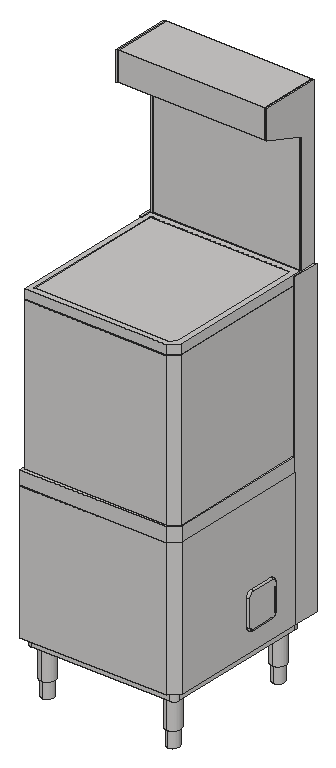
Revit family "QF_ZANUSSI_504270_ZHT8TIEL", category Specialty Equipment, Revit 2018
Family settings
  Round Connector Dimension = Use Diameter
  Part Type = Normal
  Work Plane-Based = No
  Always vertical = Yes
  Cut with Voids When Loaded = No
  Shared = Yes
  Room Calculation Point = No
Parameters
  Width = 667 mm
  Weight = "152 kg"
  Watts = 0 W
  Waste Water Discharge Temperature [instance] = -459.67 °F
  Volts = 400 V
  Ventilation Remarks = ""
  URL Manufacturer = "www.electrolux.com/foodservice"
  URL Cutsheet = "www.electrolux.com/foodservice"
  URL = "http://www.zanussiprofessional.com"
  Type Mark [instance] = ""
  Steam Supply Size = 0"
  Steam Supply Minimum Pressure = 0.00 psi
  Steam Supply Maximum Pressure = 0.00 psi
  Steam Pounds per Hour = 0
  Specification by User [instance] = ""
  Specification by Manufacturer = ""
  Show Logo [instance] = yes
  Serial Number = ""
  Seismic Rating = ""
  SMACNA No = ""
  Revision Code [instance] = ""
  Refrigeration Suction Line Size = 0"
  Refrigeration Liquid Line Size = 0"
  Refrigerant Compressor Remote = yes
  Plumbing Remarks = ""
  Plumbing Connection Type [instance] = ""
  Phase = 3
  Omniclass Number and Title = ""
  Number of Poles [instance] = 1
  NAFEM Spec ID Number = ""
  Model = "ZHT8TIEL"
  Min Ckt Ampacity = 0 A
  Max Overcurrent Protection = 0 A
  MasterSpec. = ""
  Manufacturer = "Zanussi"
  Length Actual = 667 mm  # constant formula
  Item Number [instance] = "504270"
  Installed By [instance] = ""
  Indirect Waste Size = Indirect Waste Radius Size * 2  # 0.81102"
  Indirect Waste Radius Size = 10.3 mm
  Indirect Waste Connection Type [instance] = ""
  Indirect Waste Connection Height = 0 mm
  Identify Quantity as Lot [instance] = yes
  Hot Water Size = 0"
  Height Actual = 2273 mm  # constant formula
  Height = 2273 mm
  HP = "13.3 HP"
  Gas Size = 0"
  Gas KW = 0
  Gas Input Pressure = 0.0 Btu/h
  Furnished By [instance] = ""
  Foodservice Equipment Identifier [instance] = yes
  FL Amps = 0 A
  Exhaust Volume = 0 CFM
  Exhaust Vent Width = 0 mm
  Exhaust Vent Diameter = 0 mm
  Exhaust Vent Depth = 0 mm
  Exhaust Static Press = 0.00 in-wg
  Exhaust RI Height [instance] = 0 mm
  Electrical Remarks = "400 V/3N ph/50 Hz"
  Electric Connection Type [instance] = ""
  Elec Conn RI Height [instance] = 0 mm
  Elec Conn Connection Height [instance] = 0 mm
  Direct Waste Size = 0.80709"
  Description = "HOOD T,AUTO,INS,ESD,0-LIME,FILTER,80R/H"
  Depth Actual = 755 mm  # constant formula
  Depth = 755 mm
  Condensate Return Size = 0"
  Compressed Air Volume = 0 GPM
  Compressed Air Size = 0"
  Compressed Air Pressure = 0.00 psi
  Cold Water Temperature Recommended = -459.67 °F
  Cold Water Size = 3/4"
  Cold Water RI Height [instance] = 0 mm
  Cold Water Minimum Pressure = 0.50 psi
  Cold Water Maximum Pressure = 101.526 psi
  Cold Water Flow = 0 GPM
  Cold Water Consumption = ""
  Cold Water Connection Height = 0 mm
  Assembly Code = ""
  Cycle = 50 Hz
  Conn Plug NEMA = ""
  Conn Conduit = yes
  Show Clearance [instance] = yes
  CSI MasterFormat = ""
  CSI Master Format = ""
  Apparent Power = if(Phase = 3, Volts * FL Amps * 1.73, Volts * FL Amps)  # 0 VA
  Accessory = yes
Reference planes
  plane 1 "BACK": y = 0
  plane 2: z = 0
  plane 3 "LEFT": x = 0
  plane 4 "RIGHT": x = 667
  plane 5 "FRONT": y = -755
  plane 6 "TOP": z = 2273
  plane 7 "Center X": y = -377.5
  plane 8: x = 333.5
  plane 9: x = 452
  plane 10: x = 399
  plane 11: x = 612
  plane 12: y = -420
  plane 13: x = 65
  plane 14: x = 603
  plane 15: x = 657
  plane 16: y = -124
  plane 17: y = -689
Forms (mm)
  Revolve 1, solid, material "QF_Finishes_Stainless Steel"
    sketch origin (603, 0.875, 0) x (0, 1, 0) y (0, 0, 1)
      loop
        line (-689.875, 0) -> (-664.475, 0) -> (-664.475, 69.951) -> (-658.125, 69.951) -> (-658.125, 200) -> (-689.875, 200) -> (-689.875, 0)
      axis (-689.875, 200) -> (-689.875, 0)
    angle from 0 to 360
  Revolve 2, solid, material "QF_Finishes_Stainless Steel"
    sketch origin (65, 65.963, 0) x (0, 1, 0) y (0, 0, 1)
      loop
        line (-754.962, 0) -> (-729.562, 0) -> (-729.562, 69.951) -> (-723.212, 69.951) -> (-723.212, 200) -> (-754.962, 200) -> (-754.962, 0)
      axis (-754.962, 200) -> (-754.962, 0)
    angle from 0 to 360
  Revolve 3, solid, material "QF_Finishes_Stainless Steel"
    sketch origin (603, 564.975, 0) x (0, 1, 0) y (0, 0, 1)
      loop
        line (-688.975, 0) -> (-663.575, 0) -> (-663.575, 69.951) -> (-657.225, 69.951) -> (-657.225, 200) -> (-688.975, 200) -> (-688.975, 0)
      axis (-688.975, 200) -> (-688.975, 0)
    angle from 0 to 360
  Revolve 4, solid, material "QF_Finishes_Stainless Steel"
    sketch origin (65, 630.063, 0) x (0, 1, 0) y (0, 0, 1)
      loop
        line (-754.062, 0) -> (-728.663, 0) -> (-728.662, 69.951) -> (-722.312, 69.951) -> (-722.312, 200) -> (-754.062, 200) -> (-754.062, 0)
      axis (-754.062, 200) -> (-754.062, 0)
    angle from 0 to 360
  Extrusion 5, solid, material "QF_Finishes_Stainless Steel"
    sketch origin (0, 0, 248.92) x (-1, 0, 0) y (0, -1, 0)
      loop
        arc (-38.199, 73.025) -> (-20.239, 80.464) -> (-12.799, 98.425) r 25.4
        line (-12.799, 98.425) -> (-12.799, 715.275)
        arc (-12.799, 715.275) -> (-20.239, 733.236) -> (-38.199, 740.675) r 25.4
        line (-38.199, 740.675) -> (-628.781, 740.675)
        arc (-628.781, 740.675) -> (-646.742, 733.236) -> (-654.181, 715.275) r 25.4
        line (-654.181, 715.275) -> (-654.181, 98.425)
        arc (-654.181, 98.425) -> (-646.742, 80.464) -> (-628.781, 73.025) r 25.4
        line (-628.781, 73.025) -> (-38.199, 73.025)
    from -48.92 to -19.952
  Extrusion 6, solid, material "QF_Finishes_Stainless Steel"
    sketch origin (0, 0, 248.92) x (-1, 0, 0) y (0, -1, 0)
      loop
        line (0, 0) -> (0, 114.3) -> (-666.962, 114.3) -> (-666.962, 0) -> (0, 0)
    from -19.952 to 625.793
  Extrusion 7, solid, material "QF_Finishes_Stainless Steel"
    sketch origin (0, 0, 248.92) x (-1, 0, 0) y (0, -1, 0)
      loop
        line (0, 114.3) -> (0, 754.962) -> (-627.275, 754.962) -> (-667, 715.238) -> (-667, 114.3) -> (0, 114.3)
    from -19.952 to 564.248
  Extrusion 8, solid, material "QF_Finishes_Stainless Steel"
    sketch origin (0, 0, 248.92) x (-1, 0, 0) y (0, -1, 0)
      loop
        line (-10, 69.85) -> (-10, 745.076) -> (-623.019, 745.076) -> (-657, 711.095) -> (-657, 69.85) -> (-10, 69.85)
    from 625.793 to 1278.46
  Extrusion 9, solid, material "QF_Finishes_Stainless Steel"
    sketch origin (0, 0, 248.92) x (-1, 0, 0) y (0, -1, 0)
      loop
        line (0, 0) -> (0, 114.3) -> (-10, 114.3) -> (-10, 69.85) -> (-657.881, 69.85) -> (-657.881, 114.3) -> (-667, 114.3) -> (-667, 0) -> (0, 0)
    from 625.793 to 1317.943
  Extrusion 10, solid, material "QF_Finishes_Stainless Steel"
    sketch origin (0, 0, -227) x (0, 1, 0) y (0, 0, 1)
      loop
        line (0, 1793.563) -> (0, 2500) -> (-254.45, 2500) -> (-254.45, 2377.249) -> (-65.088, 2308.49) -> (-65.088, 1793.563) -> (0, 1793.563)
    from 10 to 19.05
  Extrusion 11, solid, material "QF_Finishes_Stainless Steel"
    sketch origin (665.162, 0, -227) x (0, 1, 0) y (0, 0, -1)
      loop
        line (0, -1793.563) -> (-65.088, -1793.563) -> (-65.088, -2308.49) -> (-254.45, -2377.249) -> (-254.45, -2500) -> (0, -2500) -> (0, -1793.563)
    from 8.162 to 17.25
  Extrusion 12, solid, material "QF_Finishes_Stainless Steel"
    sketch origin (12.7, 0, -227) x (0, 1, 0) y (0, 0, 1)
      loop
        line (0, 1793.563) -> (0, 2500) -> (-254.45, 2500) -> (-254.45, 2377.249) -> (-65.087, 2308.49) -> (-65.087, 1793.563) -> (0, 1793.563)
    from 6.35 to 635.212
  Extrusion 13, solid, material "QF_Finishes_Stainless Steel"
    sketch origin (0, 0, 401.32) x (-1, 0, 0) y (0, -1, 0)
      loop
        line (-10, 69.85) -> (-10, 745.076) -> (-623.019, 745.076) -> (-657, 711.095) -> (-657, 69.85) -> (-10, 69.85)
    from 1127.647 to 1165.543
  Extrusion 14, solid, material "QF_Finishes_Stainless Steel"
    sketch origin (0, 0, 293.37) x (-1, 0, 0) y (0, -1, 0)
      loop
        line (0, 114.3) -> (0, 754.962) -> (-627.275, 754.962) -> (-667, 715.237) -> (-667, 114.3) -> (0, 114.3)
    from 521.385 to 581.343
  Extrusion 15, solid, material "QF_Finishes_Stainless Steel"
    sketch origin (0, 0, 248.92) x (-1, 0, 0) y (0, -1, 0)
      loop
        line (-10, 745.076) -> (-623.019, 745.076) -> (-657, 711.095) -> (-657, 69.85) -> (-10, 69.85) -> (-10, 745.076)
      loop
        line (-635.212, 95.25) -> (-31.75, 95.25) -> (-31.75, 723.212) -> (-614.124, 723.212) -> (-635.212, 702.124) -> (-635.212, 95.25)
    from 1317.943 to 1319.53
  Extrusion 16, solid, material "QF_Finishes_Stainless Steel", detail levels coarse
    sketch origin (0.231, 0.75, 248.92) x (-1, 0, 0) y (0, -1, 0)
      loop
        circle (-451.769, 31.75) r 9.525
    from -19.952 to -13.602
  Extrusion 17, solid, material "QF_Finishes_Stainless Steel", detail levels coarse
    sketch origin (1.206, 0.513, 248.92) x (-1, 0, 0) y (0, -1, 0)
      loop
        circle (-397.794, 36.513) r 10.25
    from -19.952 to -32.652
  Extrusion 18, solid, material "QF_Finishes_Clearance", visible <- "Show Clearance", detail levels coarse
    sketch origin (0, 0, 266.587) x (-1, 0, 0) y (0, -1, 0)
      loop
        line (-10, 745.076) -> (-623.019, 745.076) -> (-657, 711.095) -> (-657, 69.85) -> (-10, 69.85) -> (-10, 745.076)
    from 1299.975 to 1779.7
  Extrusion 19, solid, material "QF_Finishes_Black", detail levels coarse
    sketch origin (6.388, 0.45, 248.92) x (-1, 0, 0) y (0, -1, 0)
      loop
        circle (-605.612, 359.45) r 6.35
    from -48.92 to -39.952
  Extrusion 20, solid, material "QF_Finishes_Clearance", visible <- "Show Clearance", detail levels coarse
    sketch origin (0, 0, 0) x (1, 0, 0) y (0, 1, 0)
      loop
        line (0, -754.962) -> (0, 0) -> (667, 0) -> (667, -755) -> (683.613, -755) -> (683.613, 23) -> (-23, 23) -> (-23, -754.962) -> (0, -754.962)
    from 0 to 2273
  Extrusion 21, solid, material "QF_Finishes_Stainless Steel", detail levels fine
    sketch origin (667, -709.222, 200) x (0, 1, 0) y (0, 0, 1)
      loop
        arc (352.266, 268.227) -> (341.659, 263.833) -> (337.266, 253.227) r 15
        line (337.266, 253.227) -> (337.266, 138.227)
        arc (337.266, 138.227) -> (341.659, 127.62) -> (352.266, 123.227) r 15
        line (352.266, 123.227) -> (457.266, 123.227)
        arc (457.266, 123.227) -> (467.872, 127.62) -> (472.266, 138.227) r 15
        line (472.266, 138.227) -> (472.266, 253.227)
        arc (472.266, 253.227) -> (467.872, 263.833) -> (457.266, 268.227) r 15
        line (457.266, 268.227) -> (352.266, 268.227)
    from 0 to 13.165
  Sweep 22, solid, material "QF_Finishes_Stainless Steel", detail levels fine
    path in 3D
      loop
        arc (680.165, -356.956, 468.227) -> (680.165, -367.563, 463.833) -> (680.165, -371.956, 453.227) r 15
        line (680.165, -371.956, 453.227) -> (680.165, -371.956, 338.227)
        arc (680.165, -371.956, 338.227) -> (680.165, -367.563, 327.62) -> (680.165, -356.956, 323.227) r 15
        line (680.165, -356.956, 323.227) -> (680.165, -251.956, 323.227)
        arc (680.165, -251.956, 323.227) -> (680.165, -241.35, 327.62) -> (680.165, -236.956, 338.227) r 15
        line (680.165, -236.956, 338.227) -> (680.165, -236.956, 453.227)
        arc (680.165, -236.956, 453.227) -> (680.165, -241.35, 463.833) -> (680.165, -251.956, 468.227) r 15
        line (680.165, -251.956, 468.227) -> (680.165, -356.956, 468.227)
    profile origin (680.165, -304.456, 468.227) x (1, 0, 0) y (0, 0, 1)
      loop
        arc (-1.054, 0) -> (-6.598, 5.544) -> (-12.141, 0) r 5.544
        line (-12.141, 0) -> (-1.054, 0)
Cuts and joins
  joined: Extrusion 6, Extrusion 9, Extrusion 12
  joined: Extrusion 13, Extrusion 15
  joined: Extrusion 7, Extrusion 14
Lines and regions (mm)
  Split face 1
    outline origin (9.525, -254.45, 2150.249) x (0, 0, 1) y (-1, 0, 0)
      loop
        line (111.957, -631.267) -> (111.957, -16.646) -> (53.22, -16.646) -> (53.22, -42.046) -> (19.882, -42.046) -> (19.882, -302.396) -> (35.757, -302.396) -> (35.757, -345.517) -> (19.882, -345.517) -> (19.882, -605.867) -> (53.22, -605.867) -> (53.22, -631.267) -> (111.957, -631.267)
  Split face 2
    outline origin (627.275, -754.962, 248.92) x (0.707107, 0.707107, 0) y (0, 0, 1)
      loop
        line (0.397, 537.808) -> (55.783, 537.808) -> (55.783, 563.851) -> (0.397, 563.851) -> (0.397, 537.808)
  Split face 3
    outline origin (627.275, -754.962, 248.92) x (0.707107, 0.707107, 0) y (0, 0, 1)
      loop
        line (0.397, 537.411) -> (0.397, 371.585) -> (55.783, 371.585) -> (55.783, 537.411) -> (0.397, 537.411)
  Split face 4
    outline origin (627.275, -754.963, 1157.916) x (0.707107, 0.707107, 0) y (0, 0, 1)
      loop
        line (0.397, -537.808) -> (0.397, -563.851) -> (55.783, -563.851) -> (55.783, -537.808) -> (0.397, -537.808)
  Split face 5
    outline origin (624.645, -745.076, 401.32) x (-1, 0, 0) y (0, 0, -1)
      loop
        arc (168.949, -1158.595) -> (170.363, -1158.009) -> (170.949, -1156.595) r 2
        line (170.949, -1156.595) -> (170.949, -1136.595)
        arc (170.949, -1136.595) -> (170.363, -1135.181) -> (168.949, -1134.595) r 2
        line (168.949, -1134.595) -> (22.949, -1134.595)
        arc (22.949, -1134.595) -> (21.535, -1135.181) -> (20.949, -1136.595) r 2
        line (20.949, -1136.595) -> (20.949, -1156.595)
        arc (20.949, -1156.595) -> (21.535, -1158.009) -> (22.949, -1158.595) r 2
        line (22.949, -1158.595) -> (168.949, -1158.595)
  Split face 6
    outline origin (657, -69.85, 401.32) x (0, -1, 0) y (0, 0, -1)
      loop
        arc (634.762, -1158.595) -> (636.176, -1158.009) -> (636.762, -1156.595) r 2
        line (636.762, -1156.595) -> (636.762, -1136.595)
        arc (636.762, -1136.595) -> (636.176, -1135.181) -> (634.762, -1134.595) r 2
        line (634.762, -1134.595) -> (488.762, -1134.595)
        arc (488.762, -1134.595) -> (487.348, -1135.181) -> (486.762, -1136.595) r 2
        line (486.762, -1136.595) -> (486.762, -1156.595)
        arc (486.762, -1156.595) -> (487.348, -1158.009) -> (488.762, -1158.595) r 2
        line (488.762, -1158.595) -> (634.762, -1158.595)
  symbolic lines
    curve 1: line (0, 0, 248.92) -> (666.962, 0, 248.92)
    curve 2: line (0, -754.962, 248.92) -> (0, 0, 248.92)
    curve 3: line (627.275, -754.962, 248.92) -> (0, -754.962, 248.92)
    curve 4: line (627.275, -754.962, 248.92) -> (667, -715.237, 248.92)
    curve 5: line (10, -254.45, 248.92) -> (657, -254.45, 248.92)
    curve 6: line (10, -254.45, 248.92) -> (10, 0, 248.92)
    curve 7: line (657, -254.45, 248.92) -> (657, 0, 248.92)
    curve 8: line (31.75, -723.213, 0) -> (614.124, -723.213, 0)
    curve 9: line (614.124, -723.213, 0) -> (635.212, -702.124, 0)
    curve 10: line (635.212, -702.124, 0) -> (635.212, -254.45, 0)
    curve 11: line (31.75, -254.45, 0) -> (31.75, -723.213, 0)
    curve 12: line (10, -745.076, 0) -> (623.019, -745.076, 0)
    curve 13: line (657, -711.095, 0) -> (657, -254.45, 0)
    curve 14: line (10, -745.076, 0) -> (10, -254.45, 0)
    curve 15: line (10, -745.076, 0) -> (31.75, -723.213, 0)
    curve 16: line (614.124, -723.213, 0) -> (623.019, -745.076, 0)
    curve 17: line (635.212, -702.124, 0) -> (657, -711.095, 0)
    curve 18: line (19.05, -254.45, 0) -> (19.05, -9.969, 0)
    curve 19: line (19.05, -9.969, 248.92) -> (647.912, -9.969, 248.92)
    curve 20: line (647.912, -254.45, 0) -> (647.912, -9.969, 0)
    curve 21: line (10, 0, 0) -> (19.05, -9.969, 0)
    curve 22: line (647.912, -9.969, 0) -> (657, 0, 0)
    curve 23: line (0, -115.888, 0) -> (10, -115.888, 0)
    curve 24: line (667, -115.887, 0) -> (657, -115.887, 0)
    curve 28: line (667, 0, 0) -> (667, -715.237, 0)
    curve 29: line (623.019, -745.076, 248.92) -> (657, -711.095, 248.92)
  symbolic lines, style "QF-Clearances", visible <- "Show Clearance", detail levels coarse
    curve 25: line (-23, -754.962, 0) -> (-23, 23, 0)
    curve 26: line (-23, 23, 0) -> (683.613, 23, 0)
    curve 27: line (683.613, 23, 0) -> (683.613, -755, 0)
  sketch lines
    curve 30: line (680.165, -251.956, 468.227) -> (680.165, -356.956, 468.227)
    curve 31: arc (680.165, -371.956, 453.227) -> (680.165, -367.563, 463.833) -> (680.165, -356.956, 468.227) r 15
    curve 32: line (680.165, -371.956, 453.227) -> (680.165, -371.956, 338.227)
    curve 33: arc (680.165, -356.956, 323.227) -> (680.165, -367.563, 327.62) -> (680.165, -371.956, 338.227) r 15
    curve 34: line (680.165, -356.956, 323.227) -> (680.165, -251.956, 323.227)
    curve 35: line (680.165, -236.956, 338.227) -> (680.165, -236.956, 453.227)
    curve 36: arc (680.165, -251.956, 468.227) -> (680.165, -241.35, 463.833) -> (680.165, -236.956, 453.227) r 15
    curve 37: arc (680.165, -236.956, 338.227) -> (680.165, -241.35, 327.62) -> (680.165, -251.956, 323.227) r 15
Dimensions and locks
  "Depth": plane 5 "FRONT" to plane 1 "BACK"
  "Height": plane 6 "TOP" to level
  "Width": plane 3 "LEFT" to plane 4 "RIGHT"
  equal spacing: plane 5 "FRONT", plane 7 "Center X", plane 1 "BACK"
  equal spacing: plane 3 "LEFT", plane 8, plane 4 "RIGHT"
  locked: plane 9 to plane 4 "RIGHT" at 215
  locked: plane 10 to plane 4 "RIGHT" at 268
  locked: plane 11 to plane 4 "RIGHT" at 55
  locked: Extrusion 17 to plane 1 "BACK" at 36
  locked: Extrusion 16 to plane 1 "BACK" at 31
  locked: Extrusion 19 to plane 1 "BACK" at 359
  plane 1 "BACK" to plane 12 to plane 5 "FRONT" = 420 mm, 335 mm
  plane 3 "LEFT" to plane 8 to plane 4 "RIGHT" = 333.5 mm, 333.5 mm
  locked: plane 8 to curve 4 at 293.775
  locked: cut or joined group of Extrusion 6, Extrusion 9, Extrusion 12 to level at 1566.863
  locked: Extrusion 5 to level at 200
  plane 4 "RIGHT" to plane 3 "LEFT" = 667 mm
  locked: plane 13 to plane 3 "LEFT" at 65
  locked: plane 14 to plane 13 at 538
  locked: Extrusion 10 to Extrusion 11 at 647
  plane 6 "TOP" to level = 2273 mm
  locked: Extrusion 18 to level at 2046.288
  locked: cut or joined group of Extrusion 7, Extrusion 14 to level at 874.713
  plane 1 "BACK" to plane 5 "FRONT" = 755 mm
  locked: plane 1 "BACK" to plane 16 at 124
  locked: plane 16 to plane 17 at 565
  aligned and locked: level to plane 2
Automatic sketch dimensions
  Revolve 1 sketch curve to level = 0 mm  (x2)
  plane 5 "FRONT" to Revolve 1 sketch curve = 66 mm
  Revolve 1 sketch curve to Revolve 1 sketch curve = 0 mm
  Revolve 1 sketch curve to Revolve 1 sketch curve = 25.4 mm
  Revolve 1 sketch curve to Revolve 1 sketch curve = 6.35 mm
  level to Revolve 1 sketch curve = 19.05 mm
  Revolve 1 sketch curve to Revolve 1 sketch curve = 69.951 mm
  Revolve 1 sketch curve to Revolve 1 sketch curve = 130.049 mm
  Revolve 2 sketch curve to level = 0 mm  (x2)
  Revolve 2 sketch curve to plane 5 "FRONT" = 66 mm
  Revolve 2 sketch curve to Revolve 2 sketch curve = 0 mm
  Revolve 2 sketch curve to Revolve 2 sketch curve = 25.4 mm
  Revolve 2 sketch curve to Revolve 2 sketch curve = 6.35 mm
  Revolve 2 sketch curve to level = 19.05 mm
  Revolve 2 sketch curve to Revolve 2 sketch curve = 69.951 mm
  Revolve 2 sketch curve to Revolve 2 sketch curve = 130.049 mm
  Revolve 3 sketch curve to level = 0 mm  (x2)
  Revolve 3 sketch curve to plane 1 "BACK" = 124 mm
  Revolve 3 sketch curve to Revolve 3 sketch curve = 0 mm
  Revolve 3 sketch curve to Revolve 3 sketch curve = 25.4 mm
  Revolve 3 sketch curve to Revolve 3 sketch curve = 6.35 mm
  level to Revolve 3 sketch curve = 19.05 mm
  Revolve 3 sketch curve to Revolve 3 sketch curve = 69.951 mm
  Revolve 3 sketch curve to Revolve 3 sketch curve = 130.049 mm
  Revolve 4 sketch curve to level = 0 mm  (x2)
  plane 1 "BACK" to Revolve 4 sketch curve = 124 mm
  Revolve 4 sketch curve to Revolve 4 sketch curve = 0 mm
  Revolve 4 sketch curve to Revolve 4 sketch curve = 25.4 mm
  Revolve 4 sketch curve to Revolve 4 sketch curve = 6.35 mm
  Revolve 4 sketch curve to level = 19.05 mm
  Revolve 4 sketch curve to Revolve 4 sketch curve = 69.951 mm
  Revolve 4 sketch curve to Revolve 4 sketch curve = 130.049 mm
  Extrusion 5 sketch curve to plane 4 "RIGHT" = 12.819 mm
  Extrusion 5 sketch curve to plane 5 "FRONT" = 14.325 mm
  Extrusion 5 sketch curve to Extrusion 5 sketch curve = 25.4 mm  (x2)
  plane 3 "LEFT" to Extrusion 5 sketch curve = 38.199 mm  (x2)
  plane 3 "LEFT" to Extrusion 5 sketch curve = 12.799 mm
  plane 1 "BACK" to Extrusion 5 sketch curve = 98.425 mm
  plane 1 "BACK" to Extrusion 6 sketch curve = 0 mm
  Extrusion 6 sketch curve to plane 3 "LEFT" = 0 mm
  Extrusion 6 sketch curve to plane 4 "RIGHT" = 0.038 mm
  Extrusion 6 sketch curve to Extrusion 6 sketch curve = 114.3 mm
  Extrusion 7 sketch curve to plane 3 "LEFT" = 0 mm
  Extrusion 7 sketch curve to plane 5 "FRONT" = 0.038 mm
  Extrusion 7 sketch curve to plane 4 "RIGHT" = 39.725 mm
  Extrusion 7 sketch curve to plane 4 "RIGHT" = 0 mm
  Extrusion 7 sketch curve to plane 5 "FRONT" = 39.762 mm
  plane 1 "BACK" to Extrusion 7 sketch curve = 114.3 mm
  Extrusion 8 sketch curve to plane 4 "RIGHT" = 10 mm
  Extrusion 8 sketch curve to plane 5 "FRONT" = 9.924 mm
  Extrusion 8 sketch curve to plane 4 "RIGHT" = 43.981 mm
  plane 3 "LEFT" to Extrusion 8 sketch curve = 10 mm
  Extrusion 8 sketch curve to plane 5 "FRONT" = 43.905 mm
  plane 1 "BACK" to Extrusion 8 sketch curve = 69.85 mm
  plane 1 "BACK" to Extrusion 9 sketch curve = 0 mm
  Extrusion 9 sketch curve to plane 3 "LEFT" = 0 mm
  plane 3 "LEFT" to Extrusion 9 sketch curve = 10 mm
  Extrusion 9 sketch curve to plane 4 "RIGHT" = 9.119 mm
  Extrusion 9 sketch curve to plane 4 "RIGHT" = 0 mm
  plane 1 "BACK" to Extrusion 9 sketch curve = 69.85 mm
  Extrusion 9 sketch curve to Extrusion 9 sketch curve = 44.45 mm  (x2)
  Extrusion 10 sketch curve to plane 1 "BACK" = 0 mm
  plane 1 "BACK" to Extrusion 10 sketch curve = 65.088 mm
  plane 7 "Center X" to Extrusion 10 sketch curve = 123.05 mm
  Extrusion 10 sketch curve to plane 6 "TOP" = 706.438 mm
  Extrusion 10 sketch curve to plane 6 "TOP" = 191.51 mm
  Extrusion 10 sketch curve to plane 6 "TOP" = 122.751 mm
  Extrusion 10 sketch curve to Extrusion 10 sketch curve = 122.751 mm
  Extrusion 11 sketch curve to plane 1 "BACK" = 0 mm
  plane 1 "BACK" to Extrusion 11 sketch curve = 65.088 mm
  plane 7 "Center X" to Extrusion 11 sketch curve = 123.05 mm
  plane 6 "TOP" to Extrusion 11 sketch curve = 0 mm
  Extrusion 11 sketch curve to plane 6 "TOP" = 122.751 mm
  Extrusion 11 sketch curve to plane 6 "TOP" = 191.51 mm
  Extrusion 11 sketch curve to plane 6 "TOP" = 706.438 mm
  Extrusion 12 sketch curve to plane 1 "BACK" = 0 mm
  plane 1 "BACK" to Extrusion 12 sketch curve = 65.088 mm
  plane 7 "Center X" to Extrusion 12 sketch curve = 123.05 mm
  Extrusion 12 sketch curve to plane 6 "TOP" = 706.438 mm
  Extrusion 12 sketch curve to plane 6 "TOP" = 191.51 mm
  Extrusion 12 sketch curve to plane 6 "TOP" = 122.751 mm
  Extrusion 12 sketch curve to Extrusion 12 sketch curve = 122.751 mm
  Extrusion 13 sketch curve to plane 4 "RIGHT" = 10 mm
  Extrusion 13 sketch curve to plane 5 "FRONT" = 9.924 mm
  Extrusion 13 sketch curve to plane 4 "RIGHT" = 43.981 mm
  plane 3 "LEFT" to Extrusion 13 sketch curve = 10 mm
  Extrusion 13 sketch curve to plane 5 "FRONT" = 43.905 mm
  plane 1 "BACK" to Extrusion 13 sketch curve = 69.85 mm
  Extrusion 14 sketch curve to plane 3 "LEFT" = 0 mm
  Extrusion 14 sketch curve to plane 5 "FRONT" = 0.038 mm
  Extrusion 14 sketch curve to plane 4 "RIGHT" = 39.725 mm
  Extrusion 14 sketch curve to plane 4 "RIGHT" = 0 mm
  Extrusion 14 sketch curve to plane 5 "FRONT" = 39.763 mm
  plane 1 "BACK" to Extrusion 14 sketch curve = 114.3 mm
  Extrusion 7 to Split face 2 sketch curve = 0.397 mm
  Split face 2 sketch curve to Extrusion 7 = 0.397 mm  (x2)
  Split face 2 sketch curve to Extrusion 7 = 26.44 mm
  Extrusion 7 to Split face 3 sketch curve = 0.397 mm
  Split face 3 sketch curve to Extrusion 7 = 0.397 mm
  Split face 3 sketch curve to Extrusion 7 = 192.663 mm
  Split face 3 sketch curve to Extrusion 7 = 26.837 mm
  Extrusion 7 to Split face 4 sketch curve = 0.397 mm
  Split face 4 sketch curve to Extrusion 7 = 0.397 mm
  Split face 4 sketch curve to Extrusion 7 = 219.103 mm
  Split face 4 sketch curve to Split face 4 sketch curve = 26.043 mm
  Extrusion 15 sketch curve to plane 4 "RIGHT" = 10 mm
  Extrusion 15 sketch curve to plane 4 "RIGHT" = 31.788 mm
  Extrusion 15 sketch curve to plane 5 "FRONT" = 9.924 mm
  Extrusion 15 sketch curve to plane 4 "RIGHT" = 43.981 mm
  Extrusion 15 sketch curve to Extrusion 15 sketch curve = 8.895 mm
  plane 3 "LEFT" to Extrusion 15 sketch curve = 31.75 mm
  plane 3 "LEFT" to Extrusion 15 sketch curve = 10 mm
  Extrusion 15 sketch curve to Extrusion 15 sketch curve = 21.864 mm
  Extrusion 15 sketch curve to plane 5 "FRONT" = 43.905 mm
  Extrusion 15 sketch curve to Extrusion 15 sketch curve = 8.972 mm
  plane 1 "BACK" to Extrusion 15 sketch curve = 95.25 mm
  Extrusion 15 sketch curve to Extrusion 15 sketch curve = 25.4 mm
  plane 1 "BACK" to Extrusion 16 sketch curve = 31 mm
  plane 8 to Extrusion 16 sketch curve = 118.5 mm
  plane 8 to Extrusion 17 sketch curve = 65.5 mm
  plane 1 "BACK" to Extrusion 17 sketch curve = 36 mm
  Extrusion 18 sketch curve to plane 4 "RIGHT" = 10 mm
  Extrusion 18 sketch curve to plane 5 "FRONT" = 9.924 mm
  Extrusion 18 sketch curve to plane 4 "RIGHT" = 43.981 mm
  plane 3 "LEFT" to Extrusion 18 sketch curve = 10 mm
  Extrusion 18 sketch curve to plane 5 "FRONT" = 43.905 mm
  plane 1 "BACK" to Extrusion 18 sketch curve = 69.85 mm
  plane 7 "Center X" to Extrusion 19 sketch curve = 18.5 mm
  Extrusion 19 sketch curve to plane 4 "RIGHT" = 55 mm
  plane 5 "FRONT" to Extrusion 20 sketch curve = 0 mm
  Extrusion 20 sketch curve to plane 3 "LEFT" = 23 mm
  Extrusion 20 sketch curve to plane 5 "FRONT" = 0.037 mm
  Extrusion 20 sketch curve to Extrusion 20 sketch curve = 23 mm
  plane 1 "BACK" to Extrusion 20 sketch curve = 0 mm
  Extrusion 20 sketch curve to plane 4 "RIGHT" = 0 mm
  plane 4 "RIGHT" to Extrusion 20 sketch curve = 16.613 mm
  Extrusion 20 sketch curve to plane 3 "LEFT" = 0 mm
  Split face 5 sketch curve to Extrusion 13 = 8.948 mm
  Split face 5 sketch curve to Extrusion 13 = 19.323 mm
  Split face 5 sketch curve to Split face 5 sketch curve = 2 mm  (x3)
  Split face 5 sketch curve to Extrusion 13 = 6.948 mm
  Split face 5 sketch curve to Split face 5 sketch curve = 146 mm
  Split face 5 sketch curve to Split face 5 sketch curve = 0 mm
  Split face 6 sketch curve to Extrusion 13 = 8.948 mm
  Extrusion 13 to Split face 6 sketch curve = 154.483 mm
  Split face 6 sketch curve to Split face 6 sketch curve = 2 mm  (x2)
  Split face 6 sketch curve to Extrusion 13 = 6.948 mm
  Extrusion 13 to Split face 6 sketch curve = 6.483 mm  (x2)
  Extrusion 13 to Split face 6 sketch curve = 4.483 mm
  curve 4 to plane 4 "RIGHT" = 0 mm
  curve 29 to plane 4 "RIGHT" = 10 mm
  plane 1 "BACK" to curve 1 = 0 mm
  curve 3 to plane 3 "LEFT" = 0 mm
  curve 1 to plane 4 "RIGHT" = 0.038 mm
  curve 4 to plane 5 "FRONT" = 0.037 mm
  curve 29 to plane 5 "FRONT" = 9.924 mm
  curve 3 to curve 29 = 4.256 mm
  plane 1 "BACK" to curve 19 = 9.969 mm
  plane 7 "Center X" to curve 7 = 123.05 mm
  curve 29 to plane 5 "FRONT" = 43.905 mm
  curve 29 to curve 4 = 4.142 mm
  curve 7 to plane 4 "RIGHT" = 10 mm
  curve 7 to curve 19 = 9.088 mm
  plane 3 "LEFT" to curve 19 = 19.05 mm
  plane 3 "LEFT" to curve 6 = 10 mm
  curve 23 to plane 3 "LEFT" = 0 mm
  plane 1 "BACK" to curve 21 = 0 mm
  plane 1 "BACK" to curve 22 = 0 mm
  curve 24 to plane 4 "RIGHT" = 0 mm
  plane 5 "FRONT" to curve 27 = 0 mm
  plane 1 "BACK" to curve 28 = 0 mm
  curve 25 to plane 5 "FRONT" = 0.037 mm
  plane 3 "LEFT" to curve 14 = 10 mm
  plane 3 "LEFT" to curve 21 = 10 mm
  plane 3 "LEFT" to curve 23 = 10 mm
  curve 14 to curve 18 = 9.05 mm
  curve 12 to curve 11 = 21.75 mm
  curve 16 to plane 4 "RIGHT" = 52.876 mm
  curve 12 to plane 5 "FRONT" = 9.924 mm
  curve 8 to curve 12 = 8.895 mm
  curve 10 to plane 4 "RIGHT" = 31.788 mm
  curve 10 to curve 20 = 12.7 mm
  curve 13 to plane 4 "RIGHT" = 10 mm
  curve 22 to plane 4 "RIGHT" = 10 mm
  curve 24 to plane 4 "RIGHT" = 10 mm
  plane 4 "RIGHT" to curve 27 = 16.613 mm
  curve 12 to curve 8 = 21.864 mm
  curve 13 to curve 9 = 8.972 mm
  plane 7 "Center X" to curve 11 = 123.05 mm
  plane 7 "Center X" to curve 10 = 123.05 mm
  curve 10 to curve 20 = 0 mm
  curve 20 to curve 13 = 0 mm
  curve 14 to curve 11 = 0 mm
  curve 14 to curve 18 = 0 mm
  curve 24 to curve 28 = 115.888 mm
  curve 23 to curve 21 = 115.888 mm
  plane 1 "BACK" to curve 18 = 9.969 mm
  plane 1 "BACK" to curve 22 = 9.969 mm
  curve 25 to plane 1 "BACK" = 23 mm
  curve 28 to plane 5 "FRONT" = 39.762 mm
  curve 28 to curve 17 = 4.142 mm
  curve 25 to plane 3 "LEFT" = 23 mm
  plane 7 "Center X" to Extrusion 21 sketch curve = 5.544 mm
  plane 7 "Center X" to Extrusion 21 sketch curve = 20.544 mm  (x2)
  Extrusion 21 sketch curve to Extrusion 21 sketch curve = 105 mm  (x2)
  Extrusion 21 sketch curve to Extrusion 21 sketch curve = 15 mm
  level to Extrusion 21 sketch curve = 323.227 mm
  Extrusion 21 sketch curve to Extrusion 21 sketch curve = 115 mm
  Sweep 22 sketch curve to profile plane = 0 mm
  profile plane to Sweep 22 sketch curve = 12.141 mm
  Sweep 22 sketch curve to Sweep 22 sketch curve = 5.544 mm
  Split face 1 sketch curve to Extrusion 12 = 7.121 mm  (x2)
  Split face 1 sketch curve to Extrusion 12 = 53.22 mm
  Split face 1 sketch curve to Extrusion 12 = 10.794 mm
  Split face 1 sketch curve to Split face 1 sketch curve = 25.4 mm
  Split face 1 sketch curve to Extrusion 12 = 19.882 mm
  Split face 1 sketch curve to Split face 1 sketch curve = 260.35 mm
  Split face 1 sketch curve to Split face 1 sketch curve = 15.875 mm  (x2)
  Split face 1 sketch curve to Split face 1 sketch curve = 43.121 mm
  Split face 1 sketch curve to Extrusion 12 = 32.521 mm
  Split face 1 sketch curve to Split face 1 sketch curve = 33.338 mm
  radius of Extrusion 16 sketch curve = 9.525 mm
  radius of Extrusion 17 sketch curve = 10.25 mm
  radius of Extrusion 19 sketch curve = 6.35 mm
Connectors
  piping at (452, -31, 228.968), diameter 19.05, driven by "Cold Water Size"
    settings: on Extrusion 16, index 5, connector inside diameter 3/4", connector length 0 mm, flow factor 0, pipe flow 0 GPM, pressure drop 0.00 psi, fitting loss kfactor 0, connector angle 0.00°, fixture units 0, engagement length 0 mm, angle of deflection 0.00°, flow configuration 1, flow direction 1, fitting loss method 0, system type 20, joint type 0, gender type 0, connector reference index -1, connector utility 0, adjustable connector no, is connector primary yes, connector description "Cold Water Inlet"
  piping at (399, -36, 216.268), diameter 20.439
    settings: on Extrusion 17, index 6, connector inside diameter 103/128", connector length 0 mm, flow factor 0, pipe flow 0 GPM, pressure drop 0.00 psi, fitting loss kfactor 0, connector angle 0.00°, fixture units 0, engagement length 0 mm, angle of deflection 0.00°, flow configuration 1, flow direction 2, fitting loss method 0, system type 16, joint type 0, gender type 0, connector reference index -1, connector utility 0, adjustable connector no, is connector primary no, connector description "Drain"
  electrical at (612, -359, 200), driven by "Volts", driven by "Watts"
    settings: on Extrusion 19, index 7, voltage 400 V, apparent load 0 VA, apparent load phase1 0 VA, apparent load phase2 0 VA, apparent load phase3 0 VA, power factor 1, load classification "Other", number of poles 1, system type 30, power factor state 1, is connector primary yes, connector utility no, sub classification motor no, connector description "Electrical Connection"
